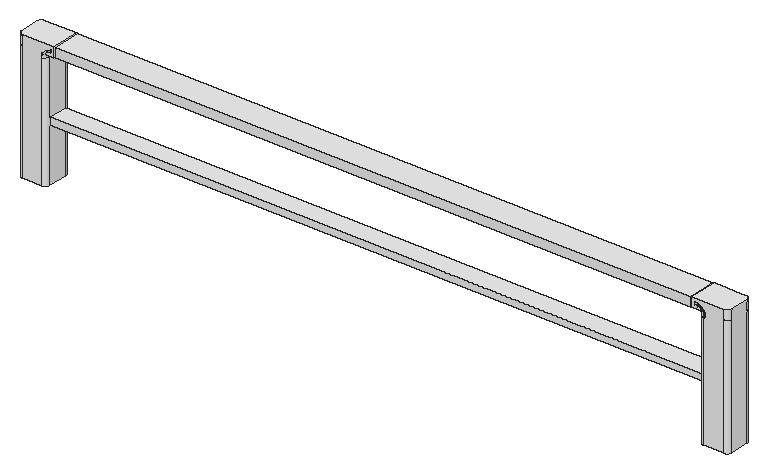
Revit family "Towel Rail-Double-Dorf Epic1", category Specialty Equipment, host Face, Revit 2012
Parameters (values of type "Epic Double Towel Rail - 600mm")
  URL = "http://www.dorf.com.au/"
  Type Comments = "Epic Double Towel Rail - 600mm"
  Model = "6426.04"
  Material_ANZRS = Metal-Chrome-Caroma
  Manufacturer = "Dorf"  # constant formula
  Long = no
  Length_ANZRS = if(Long, 800 mm, 600 mm)  # 600 mm
  Description = "In line with the current bathroom trend toward more minimally styled geometric shapes"  # constant formula
  Default Elevation = 1100 mm
  CreatedBy_ANZRS = "Design Content"  # constant formula
  CreatedByURL_ANZRS = "www.designcontent.com.au"
  Cost = 0
  Assembly Code = "C1030200"
Types (3, lengths in mm): name | Type Comments | Model | Long | Length_ANZRS | Default Elevation
  (no name) | "Epic Double Towel Rail - 600mm" | "6426.04" | no | 600 | 1100
  Epic Double Towel Rail - 600mm | "Epic Double Towel Rail - 600mm" | "6426.04" | no | 600 | 1100
  Epic Double Towel Rail - 800mm | "Epic Double Towel Rail - 800mm" | "6427.04" | yes | 800 | 900
Reference planes
  plane 1 "Center (Elevation)": y = 0
  plane 2 "Back": z = 0
  plane 3 "Center (Left/Right)": x = 0
  plane 4 "Left": x = -300
  plane 5 "Right": x = 300
  plane 6 "Top": y = 12.5
  plane 7 "Bottom": y = -12.5
  plane 8 "Front": z = 113
  plane 9: x = -312.5
  plane 10: x = -287.5
  plane 11: x = 287.5
  plane 12: x = 312.5
Forms (mm)
  Extrusion 1, solid, material "Metal-Chrome-Caroma" <- "Material_ANZRS"
    sketch origin (0, 0, 0) x (1, 0, 0) y (0, 1, 0)
      loop
        arc (-308.5, 12.5) -> (-311.328, 11.328) -> (-312.5, 8.5) r 4
        line (-312.5, 8.5) -> (-312.5, -8.5)
        arc (-312.5, -8.5) -> (-311.328, -11.328) -> (-308.5, -12.5) r 4
        line (-308.5, -12.5) -> (-291.5, -12.5)
        arc (-291.5, -12.5) -> (-288.672, -11.328) -> (-287.5, -8.5) r 4
        line (-287.5, -8.5) -> (-287.5, 8.5)
        arc (-287.5, 8.5) -> (-288.672, 11.328) -> (-291.5, 12.5) r 4
        line (-291.5, 12.5) -> (-308.5, 12.5)
      loop
        line (308.5, 12.5) -> (291.5, 12.5)
        arc (291.5, 12.5) -> (288.672, 11.328) -> (287.5, 8.5) r 4
        line (287.5, 8.5) -> (287.5, -8.5)
        arc (287.5, -8.5) -> (288.672, -11.328) -> (291.5, -12.5) r 4
        line (291.5, -12.5) -> (308.5, -12.5)
        arc (308.5, -12.5) -> (311.328, -11.328) -> (312.5, -8.5) r 4
        line (312.5, -8.5) -> (312.5, 8.5)
        arc (312.5, 8.5) -> (311.328, 11.328) -> (308.5, 12.5) r 4
    from 0 to 105
  Extrusion 2, solid, material "Metal-Chrome-Caroma" <- "Material_ANZRS"
    sketch origin (0, 0, 0) x (0, 1, 0) y (0, 0, 1)
      loop
        line (8.5, 53.5) -> (-8.5, 53.5) -> (-8.5, 47.5) -> (8.5, 47.5) -> (8.5, 53.5)
    from -287.5 to 287.5
  Extrusion 3, solid, material "Metal-Chrome-Caroma" <- "Material_ANZRS"
    sketch origin (0, 0, 0) x (1, 0, 0) y (0, 1, 0)
      loop
        line (-279.5, 12.5) -> (-279.5, -12.5) -> (279.5, -12.5) -> (279.5, 12.5) -> (-279.5, 12.5)
      loop
        line (280.5, 12.5) -> (280.5, -12.5) -> (308.5, -12.5)
        arc (308.5, -12.5) -> (311.328, -11.328) -> (312.5, -8.5) r 4
        line (312.5, -8.5) -> (312.5, 8.5)
        arc (312.5, 8.5) -> (311.328, 11.328) -> (308.5, 12.5) r 4
        line (308.5, 12.5) -> (280.5, 12.5)
      loop
        line (-280.5, 12.5) -> (-308.5, 12.5)
        arc (-308.5, 12.5) -> (-311.328, 11.328) -> (-312.5, 8.5) r 4
        line (-312.5, 8.5) -> (-312.5, -8.5)
        arc (-312.5, -8.5) -> (-311.328, -11.328) -> (-308.5, -12.5) r 4
        line (-308.5, -12.5) -> (-280.5, -12.5) -> (-280.5, 12.5)
    from 105 to 113
  Extrusion 4, solid, material "Metal-Chrome-Caroma" <- "Material_ANZRS"
    sketch origin (0, 0, 0) x (0, 1, 0) y (0, 0, 1)
      loop
        line (12, 112.5) -> (-12, 112.5) -> (-12, 105.5) -> (12, 105.5) -> (12, 112.5)
    from -287.5 to 287.5
  Sweep 5, solid, material "Metal-Chrome-Caroma" <- "Material_ANZRS"
    path origin (0, 0, 0) x (1, 0, 0) y (0, 0, 1)
      loop
        arc (-287.5, 101) -> (-286.328, 103.828) -> (-283.5, 105) r 4
    profile origin (-287.5, 0, 101) x (-1, 0, 0) y (0, -1, 0)
      loop
        arc (0, -8.5) -> (1.172, -11.328) -> (4, -12.5) r 4
        line (4, -12.5) -> (5, -12.5) -> (5, 12.5) -> (4, 12.5)
        arc (4, 12.5) -> (1.172, 11.328) -> (0, 8.5) r 4
        line (0, 8.5) -> (0, -8.5)
  Sweep 6, solid, material "Metal-Chrome-Caroma" <- "Material_ANZRS"
    path origin (0, 0, 0) x (-1, 0, 0) y (0, 0, 1)
      loop
        arc (-287.5, 101) -> (-286.328, 103.828) -> (-283.5, 105) r 4
    profile origin (287.5, 0, 101) x (-1, 0, 0) y (0, -1, 0)
      loop
        line (0, -8.5) -> (0, 8.5)
        arc (0, 8.5) -> (-1.172, 11.328) -> (-4, 12.5) r 4
        line (-4, 12.5) -> (-5, 12.5) -> (-5, -12.5) -> (-4, -12.5)
        arc (-4, -12.5) -> (-1.172, -11.328) -> (0, -8.5) r 4
Cuts and joins
  joined: Extrusion 1, Extrusion 2, Extrusion 3, Extrusion 4
Dimensions and locks
  equal spacing: plane 4 "Left", plane 3 "Center (Left/Right)", plane 5 "Right"
  "Length_ANZRS": plane 4 "Left" to plane 5 "Right"
  equal spacing: plane 7 "Bottom", plane 1 "Center (Elevation)", plane 6 "Top"
  locked: plane 7 "Bottom" to plane 6 "Top" at 25
  locked: plane 8 "Front" to level at 113
  Extrusion 1 sketch curve to plane 4 "Left" to Extrusion 1 sketch curve = 12.5 mm locked, 12.5 mm locked
  Extrusion 1 sketch curve to plane 5 "Right" to Extrusion 1 sketch curve = 12.5 mm locked, 12.5 mm locked
  plane 9 to plane 4 "Left" to plane 10 = 12.5 mm locked, 12.5 mm locked
  plane 11 to plane 5 "Right" to plane 12 = 12.5 mm locked, 12.5 mm locked
  plane 10 to Extrusion 3 sketch curve to Extrusion 3 sketch curve = 7 mm locked, 1 mm locked
  Extrusion 3 sketch curve to Extrusion 3 sketch curve to plane 11 = 1 mm locked, 7 mm locked
  aligned and locked: plane 2 "Back" to host face
  aligned and locked: level to host face
  aligned and locked: plane 10 to Extrusion 2
  aligned and locked: plane 11 to Extrusion 2
  aligned and locked: Extrusion 3 sketch curve to plane 9
  aligned and locked: plane 12 to Extrusion 3 sketch curve
Automatic sketch dimensions
  host sketch curve to host sketch curve = 2438.4 mm  (x2)
  plane 7 "Bottom" to Extrusion 1 sketch curve = 0 mm  (x2)
  plane 6 "Top" to Extrusion 1 sketch curve = 0 mm  (x2)
  plane 9 to Extrusion 1 sketch curve = 4 mm  (x2)
  plane 10 to Extrusion 1 sketch curve = 4 mm  (x2)
  plane 11 to Extrusion 1 sketch curve = 4 mm  (x2)
  plane 12 to Extrusion 1 sketch curve = 4 mm  (x2)
  Extrusion 2 sketch curve to plane 7 "Bottom" = 4 mm
  plane 6 "Top" to Extrusion 2 sketch curve = 4 mm
  level to Extrusion 2 sketch curve = 47.5 mm
  Extrusion 2 sketch curve to Extrusion 2 sketch curve = 6 mm
  plane 6 "Top" to Extrusion 3 sketch curve = 0 mm  (x3)
  plane 7 "Bottom" to Extrusion 3 sketch curve = 0 mm  (x3)
  plane 9 to Extrusion 3 sketch curve = 4 mm  (x2)
  plane 12 to Extrusion 3 sketch curve = 4 mm  (x2)
  Extrusion 4 sketch curve to plane 7 "Bottom" = 0.5 mm
  plane 6 "Top" to Extrusion 4 sketch curve = 0.5 mm
  Extrusion 4 sketch curve to plane 8 "Front" = 7.5 mm
  Extrusion 4 sketch curve to plane 8 "Front" = 0.5 mm
  Sweep 5 sketch curve to plane 10 = 0 mm
  Sweep 5 sketch curve to plane 10 = 4 mm
  Sweep 5 sketch curve to plane 8 "Front" = 12 mm
  Sweep 5 sketch curve to profile plane = 0 mm
  Sweep 5 sketch curve to profile plane = 4 mm  (x2)
  Sweep 5 sketch curve to Sweep 5 sketch curve = 1 mm
  Sweep 5 sketch curve to plane 1 "Center (Elevation)" = 12.5 mm
  plane 1 "Center (Elevation)" to Sweep 5 sketch curve = 8.5 mm
  plane 11 to Sweep 6 sketch curve = 0 mm
  plane 11 to Sweep 6 sketch curve = 4 mm
  plane 8 "Front" to Sweep 6 sketch curve = 12 mm
  Sweep 6 sketch curve to profile plane = 0 mm
  profile plane to Sweep 6 sketch curve = 4 mm
  Sweep 6 sketch curve to Sweep 6 sketch curve = 4 mm
  Sweep 6 sketch curve to Sweep 6 sketch curve = 1 mm
  Sweep 6 sketch curve to plane 1 "Center (Elevation)" = 12.5 mm
  plane 1 "Center (Elevation)" to Sweep 6 sketch curve = 8.5 mm
